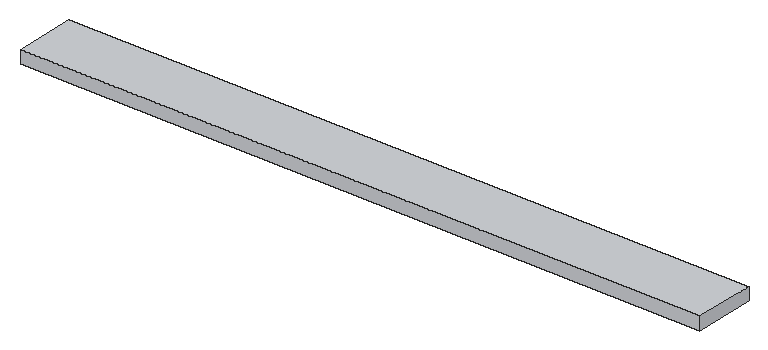
Revit family "Alcon-14054-4", category Lighting Fixtures, host Ceiling, Revit 2025
Family settings
  Host = Ceiling
  Round Connector Dimension = Use Diameter
  Part Type = Normal
  Always vertical = Yes
  Cut with Voids When Loaded = No
  Light Source = Yes
  Maintain Annotation Orientation = No
  Shared = No
  Room Calculation Point = No
Parameters (values of type "4'")
  Wattage = 9.2903 W
  built-in parameter 1150110 = 1 (stored number, unit not read)
  built-in parameter 1114217 = 1 (stored number, unit not read)
  built-in parameter 1150109 = 1 (stored number, unit not read)
  built-in parameter 1150134 = 3
  built-in parameter 1150113 = 1 (stored number, unit not read)
  built-in parameter 1150105 = 439.27 (stored number, unit not read)
  Lumens = 1380 lm
  built-in parameter 1150115 = 1 (stored number, unit not read)
  Light Source Symbol Size = 0' - 10 205/256"
  built-in parameter 1150137 = (empty or 0)
  built-in parameter 1150139 = (empty or 0)
  Length Dimension = 4' - 0"
  built-in parameter 1150112 = 1 (stored number, unit not read)
  built-in parameter 1150114 = 1 (stored number, unit not read)
  built-in parameter 1150132 = (empty or 0)
  built-in parameter 1150102 = (empty or 0)
  built-in parameter 1150107 = 3200 (stored number, unit not read)
  built-in parameter 1150138 = (empty or 0)
  built-in parameter 1150106 = 4.3927 (stored number, unit not read)
  Emit from Line Length = 2' - 0"
  built-in parameter 1150104 = 13.8 (stored number, unit not read)
  Dimming Lamp Color Temperature Shift = <None>
  Default Elevation = 0' - 0"
  Color Filter = 16777215
  built-in parameter 1114218 = 1 (stored number, unit not read)
  built-in parameter 1150133 = 10 (stored number, unit not read)
Types (3): name | Length Dimension
  (no name) | 4' - 0"
  2' | 2' - 0"
  4' | 4' - 0"
Reference planes (in)
  plane 1 "Center (Front/Back)": y = 0
  plane 2 "Ceiling": z = 96
  plane 3 "Center (Left/Right)": x = 0
Forms (in)
  Extrusion 1, solid
    sketch origin (0, 0, 96) x (1, 0, 0) y (0, 1, 0)
      loop
        line (0, -2.125) -> (48, -2.125) -> (48, 2.125) -> (0, 2.125) -> (0, -2.125)
    from 0 to -0.94141
  Extrusion 2, void
    sketch origin (0, 0, 95.05859) x (1, 0, 0) y (0, 1, 0)
      loop
        line (47.07422, -1.19922) -> (47.07422, 1.19922) -> (0.92578, 1.19922) -> (0.92578, -1.19922) -> (47.07422, -1.19922)
    from 0 to 0.5
  Extrusion 3, solid
    sketch origin (0, 0, 95.05859) x (0, 1, 0) y (1, 0, 0)
      loop
        line (-1.19922, 47.07422) -> (-1.19922, 0.92578) -> (1.19922, 0.92578) -> (1.19922, 47.07422) -> (-1.19922, 47.07422)
    from 0 to -0.125
Cuts and joins
  Extrusion 2 cuts Extrusion 1
Dimensions and locks (in)
  equal spacing: host sketch curve, plane 3 "Center (Left/Right)", host sketch curve
  equal spacing: host sketch curve, plane 1 "Center (Front/Back)", host sketch curve
  host sketch curve to host sketch curve = 10' - 0"  (x2)
  "Length Dimension": cut or joined group of Extrusion 1, Extrusion 2 to cut or joined group of Extrusion 1, Extrusion 2
Automatic sketch dimensions
  Extrusion 1 sketch curve to plane 3 "Center (Left/Right)" = 0' - 0"
  Extrusion 1 sketch curve to plane 1 "Center (Front/Back)" = 0' - 2 1/8"
  plane 3 "Center (Left/Right)" to Extrusion 1 sketch curve = 4' - 0"
  plane 1 "Center (Front/Back)" to Extrusion 1 sketch curve = 0' - 2 1/8"
  Extrusion 1 to Extrusion 2 sketch curve = 0' - 0 237/256"  (x4)
  Extrusion 1 to Extrusion 3 sketch curve = 0' - 0 237/256"  (x4)
